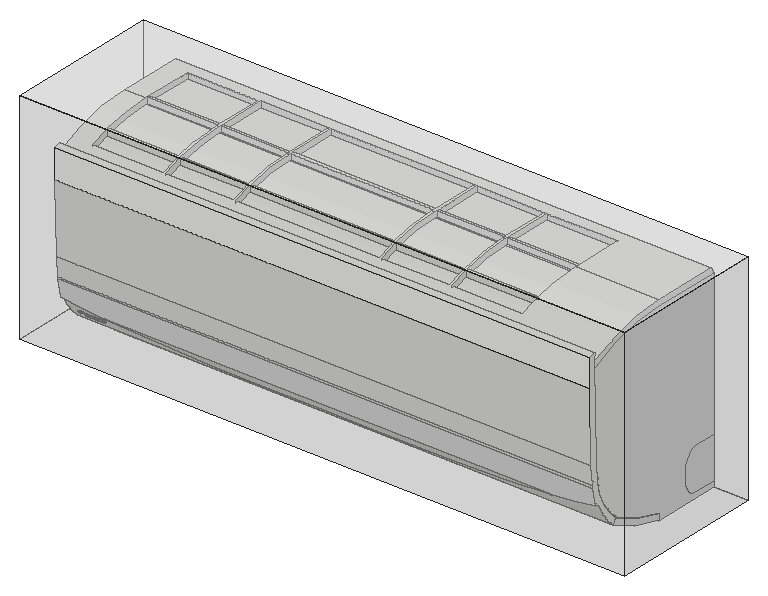
Revit family "outputfile", category 機械設備, Revit 2024
Family settings
  丸型コネクタ寸法 = 半径を使用
  パーツ タイプ = 標準
  OmniClass 番号 = 23.75.10.24.21.27.27
  OmniClass タイトル = Split System Air Conditioning Units
  作業面ベース = いいえ
  常に垂直 = はい
  ロード時にボイドで切り取り = いいえ
  注釈の向きを維持 = いいえ
  共有 = いいえ
  部屋計算ポイント = いいえ
Parameters (values of type "CTKC35WVMG")
  Description = ""
  書き出し IFC クラス(タイプ) = "IfcUnitaryEquipmentType"
  定義済み IFC タイプ(タイプ) = "AIRCONDITIONINGUNIT"
  Cost = 0
  Type Comments = ""
  Keynote = ""
  Type Image = (empty or 0)
  Assembly Code = ""
  w_wall hole = if(Width = 770.0 mm, 48.0 mm, 60.0 mm)  # 48.0 mm
  switch_frequency = yes
  h_liquidpipe_length = if(Width = 770.0 mm, 50.0 mm, 40.0 mm)  # 50.0 mm
  h_gaspipe_length = if(Width = 770.0 mm, 40.0 mm, 50.0 mm)  # 40.0 mm
  製造元 = "Daikin"
  モデル = "CTKC35WVMG"
  r_Liquid Pipe Size = Liquid Pipe Size / 2  # 3.2 mm
  r_Gas Pipe Size = Gas Pipe Size / 2  # 4.75 mm
  r_Drain Pipe Size = Drain Pipe Size / 2  # 8.0 mm
  lw_powersupply [instance] = if(Width = 770.0 mm, if(or(Rear Right Connection_refrigerant, Bottom Right Connection_refrigerant), 25.0 mm, if(or(Rear Left Connection_refrigerant, Bottom Left Connection_refrigerant), 745.0 mm, 400.0 mm)), if(Width = 990.0 mm, if(or(Rear Right Connection_refrigerant, Bottom Right Connection_refrigerant), 40.0 mm, if(or(Rear Left Connection_refrigerant, Bottom Left Connection_refrigerant), 920.0 mm, 400.0 mm)), if(or(Rear Right Connection_refrigerant, Bottom Right Connection_refrigerant), 40.0 mm, if(or(Rear Left Connection_refrigerant, Bottom Left Connection_refrigerant), 920.0 mm, 400.0 mm))))  # 400.0 mm
  lw_liquidpipe [instance] = if(Width = 770.0 mm, if(or(Rear Right Connection_refrigerant, Bottom Right Connection_refrigerant), 0.0 mm, if(or(Rear Left Connection_refrigerant, Bottom Left Connection_refrigerant), 664.0 mm, 385.0 mm)), if(Width = 990.0 mm, if(or(Rear Right Connection_refrigerant, Bottom Right Connection_refrigerant), 0.0 mm, if(or(Rear Left Connection_refrigerant, Bottom Left Connection_refrigerant), 664.0 mm + (990.0 mm - 770.0 mm), 475.0 mm)), if(or(Rear Right Connection_refrigerant, Bottom Right Connection_refrigerant), 0.0 mm, if(or(Rear Left Connection_refrigerant, Bottom Left Connection_refrigerant), 664.0 mm + (990.0 mm - 770.0 mm), 475.0 mm))))  # 385.0 mm
  lw_gaspipe [instance] = if(Width = 770.0 mm, if(or(Rear Right Connection_refrigerant, Bottom Right Connection_refrigerant), 0.0 mm, if(or(Rear Left Connection_refrigerant, Bottom Left Connection_refrigerant), 675.0 mm, if(Gas Pipe Size = 12.7 mm, 345.0 mm, 335.0 mm))), if(Width = 990.0 mm, if(or(Rear Right Connection_refrigerant, Bottom Right Connection_refrigerant), 10.0 mm, if(or(Rear Left Connection_refrigerant, Bottom Left Connection_refrigerant), 890.0 mm, if(Gas Pipe Size = 15.9 mm, 410.0 mm, 400.0 mm))), if(or(Rear Right Connection_refrigerant, Bottom Right Connection_refrigerant), 10.0 mm, if(or(Rear Left Connection_refrigerant, Bottom Left Connection_refrigerant), 890.0 mm, if(Gas Pipe Size = 15.9 mm, 410.0 mm, 400.0 mm)))))  # 335.0 mm
  lw_drainpipe [instance] = if(Width = 770.0 mm, if(or(Rear Right Connection_refrigerant, Bottom Right Connection_refrigerant), 0.0 mm, if(or(Rear Left Connection_refrigerant, Bottom Left Connection_refrigerant), 770.0 mm - 48.0 mm - 48.0 mm, 440.0 mm)), if(Width = 990.0 mm, if(or(Rear Right Connection_refrigerant, Bottom Right Connection_refrigerant), 0.0 mm, if(or(Rear Left Connection_refrigerant, Bottom Left Connection_refrigerant), 675.0 mm + (990.0 mm - 770.0 mm), 435.0 mm)), if(or(Rear Right Connection_refrigerant, Bottom Right Connection_refrigerant), 0.0 mm, if(or(Rear Left Connection_refrigerant, Bottom Left Connection_refrigerant), 675.0 mm + (990.0 mm - 770.0 mm), 435.0 mm))))  # 440.0 mm
  l_powersupply_length [instance] = if(Width = 770.0 mm, if(Right Connection_refrigerant, 400.0 mm, if(Left Connection_refrigerant, 770.0 mm - 400.0 mm, if(or(Rear Left Connection_refrigerant, Rear Right Connection_refrigerant), 15.0 mm, 50.0 mm))), if(Width = 990.0 mm, if(Right Connection_refrigerant, 400.0 mm, if(Left Connection_refrigerant, 990.0 mm - 400.0 mm, if(or(Rear Left Connection_refrigerant, Rear Right Connection_refrigerant), 15.0 mm, 50.0 mm))), if(Right Connection_refrigerant, 400.0 mm, if(Left Connection_refrigerant, 990.0 mm - 400.0 mm, if(or(Rear Left Connection_refrigerant, Rear Right Connection_refrigerant), 15.0 mm, 50.0 mm)))))  # 400.0 mm
  l_liquidpipe_length [instance] = if(Width = 770.0 mm, if(Right Connection_refrigerant, 433.0 mm, if(Left Connection_refrigerant, 337.0 mm, if(or(Rear Left Connection_refrigerant, Rear Right Connection_refrigerant), 30.0 mm, 50.0 mm))), if(Width = 990.0 mm, if(Right Connection_refrigerant, 535.0 mm, if(Left Connection_refrigerant, 455.0 mm, if(or(Rear Left Connection_refrigerant, Rear Right Connection_refrigerant), 30.0 mm, 40.0 mm))), if(Right Connection_refrigerant, 535.0 mm, if(Left Connection_refrigerant, 455.0 mm, if(or(Rear Left Connection_refrigerant, Rear Right Connection_refrigerant), 30.0 mm, 40.0 mm)))))  # 433.0 mm
  l_gaspipe_length [instance] = if(Width = 770.0 mm, if(Right Connection_refrigerant, if(Gas Pipe Size = 12.7 mm, 393.0 mm, 383.0 mm), if(Left Connection_refrigerant, if(Gas Pipe Size = 12.7 mm, 770.0 mm - 393.0 mm, 770.0 mm - 383.0 mm), if(or(Rear Left Connection_refrigerant, Rear Right Connection_refrigerant), 40.0 mm, 40.0 mm))), if(Width = 990.0 mm, if(Right Connection_refrigerant, if(Gas Pipe Size = 15.9 mm, 470.0 mm, 460.0 mm), if(Left Connection_refrigerant, if(Gas Pipe Size = 15.9 mm, 990.0 mm - 470.0 mm, 990.0 mm - 460.0 mm), if(or(Rear Left Connection_refrigerant, Rear Right Connection_refrigerant), 40.0 mm, 50.0 mm))), if(Right Connection_refrigerant, if(Gas Pipe Size = 15.9 mm, 470.0 mm, 460.0 mm), if(Left Connection_refrigerant, if(Gas Pipe Size = 15.9 mm, 990.0 mm - 470.0 mm, 990.0 mm - 460.0 mm), if(or(Rear Left Connection_refrigerant, Rear Right Connection_refrigerant), 40.0 mm, 50.0 mm)))))  # 383.0 mm
  l_drainpipe_length [instance] = if(Width = 770.0 mm, if(Right Connection_refrigerant, 488.0 mm, if(Left Connection_refrigerant, 282.0 mm, if(or(Rear Left Connection_refrigerant, Rear Right Connection_refrigerant), 15.0 mm, 20.0 mm))), if(Width = 990.0 mm, if(Right Connection_refrigerant, 495.0 mm, if(Left Connection_refrigerant, 495.0 mm, if(or(Rear Left Connection_refrigerant, Rear Right Connection_refrigerant), 15.0 mm, 20.0 mm))), if(Right Connection_refrigerant, 495.0 mm, if(Left Connection_refrigerant, 495.0 mm, if(or(Rear Left Connection_refrigerant, Rear Right Connection_refrigerant), 15.0 mm, 20.0 mm)))))  # 488.0 mm
  h*** = 0.0 mm  # constant formula
  connector_voltage = Voltage_50Hz  # 230 V
  connector_powerinput = [Power Input (Cooling)]  # 22.600 kW
  connector_phase = Phase_50Hz  # 1
  angle_vertical [instance] = if(or(Bottom Left Connection_refrigerant, Bottom Right Connection_refrigerant), 0.00°, 90.00°)  # 90.00°
  angle_horizontal [instance] = if(Right Connection_refrigerant, 90.00°, if(Left Connection_refrigerant, -90.00°, if(or(Rear Left Connection_refrigerant, Rear Right Connection_refrigerant), 180.00°, 0.00°)))  # 90.00°
  Width = 770.0 mm
  Voltage_comment_50Hz = "220 - 240"
  Voltage_50Hz = 230 V
  Version = "ver.1.0"
  Unit Type = "Wall Mounted"
  Unit Mass Weight = 9.00 kg
  Unit Designation [instance] = ""
  Uniclass2015Version = "Products v1.30"
  Uniclass2015Title = "Split coil room air conditioning units"
  Uniclass2015Code = "Pr_70_65_03_86"
  URL = ""
  Total Cooling Capacity [instance] = 0.000 kW
  Sound Pressure Level_M speed (dBA) = 34
  Sound Pressure Level_L speed (dBA) = 26
  Sound Pressure Level_H speed (dBA) = 39
  Sound Power Level_H speed (dB) = 0
  Series = "Multi Split_Fan Coil Unit"
  Sensible Cooling Capacity [instance] = 0.000 kW
  Refrigerant Type = "R32"
  Power Input (Cooling) = 22.600 kW
  Phase_50Hz = 1
  Option Accessory 3 [instance] = ""
  Option Accessory 2 [instance] = ""
  Option Accessory 1 [instance] = ""
  Nominal Cooling Capacity = 3.500 kW
  Minimum Circuit Amps_50Hz = 0.0 A
  Minimum Airflow = 402.00 m³/h
  Median Airflow = 558.00 m³/h
  Maximum Fuse Amps_50Hz = 0.0 A
  Maximum Airflow = 690.00 m³/h
  Material_Casing = DAIKIN_White_Casing_indoorunit
  Load Classification = HVAC
  Liquid Pipe Size = 6.4 mm
  Link_Nested Family [instance] = ""
  IfcVersion = ""
  IfcExportType = "AIRCONDITIONINGUNIT"
  IfcExportAs = "IfcUnitaryEquipmentType"
  Height = 285.0 mm
  Heat Exchanger Type = "Cross Fin Coil"
  Gas Pipe Size = 9.5 mm
  Frequency_50Hz = 50 Hz
  Fan Type = "Cross Flow Fan"
  Fan Drive = "Direct Drive"
  FCU Tag No. [instance] = ""
  Drain Pipe Size = 16.0 mm
  Design Supply Airflow [instance] = 0.00 m³/h
  Depth = 223.0 mm
  既定の高さ = 0.0 mm
  Cooling Entering Wet Bulb Temperature [instance] = 0.00 °C
  Cooling Entering Dry Bulb Temperature [instance] = 0.00 °C
  Cooling Ambient Wet Bulb Temperature [instance] = 0.00 °C
  Cooling Ambient Dry Bulb Temperature [instance] = 0.00 °C
  Clearance visibility [instance] = yes
  Clearance Top = 30.0 mm
  Clearance Right = 50.0 mm
  Clearance Rear = 0.0 mm
  Clearance Left = 50.0 mm
  Clearance Front = 0.0 mm
  Clearance Bottom = 0.0 mm
  Bottom Right Connection_refrigerant [instance] = no
  Bottom Left Connection_refrigerant [instance] = no
  Rear Right Connection_refrigerant [instance] = no
  Rear Left Connection_refrigerant [instance] = no
  Right Connection_refrigerant [instance] = yes
  Left Connection_refrigerant [instance] = no
Reference planes
  plane 1 "Back": y = 0
  plane 2: z = 0
  plane 3 "Center (Left/Right)": x = 0
  plane 4 "Center (Front/Back)": y = -111.5
  plane 5 "Front": y = -223
  plane 6 "Left": x = -385
  plane 7 "Right": x = 385
  plane 8 "Top": z = 0
  plane 9 "Bottom": z = -285
  plane 10: x = -435
  plane 11: x = 435
  plane 12: y = 0
  plane 13: y = -223
  plane 14: z = 30
  plane 15: z = -285
  plane 16 "lw_Piping and Wiring intake": x = 337
  plane 17 "lw_gaspipe": x = 2
  plane 18 "lw_liquidpipe": x = -48
  plane 19 "lw_drainpipe": x = -103
  plane 20 "lh_drainpipe": z = -265
  plane 21 "lh_liquidpipe": z = -235
  plane 22 "lh_gaspipe": z = -245
  plane 23 "ld_drainpipe": y = -15
  plane 24 "ld_liquidpipe": y = -30
  plane 25 "ld_gaspipe": y = -40
  plane 26 "lw_powersupply": x = -15
  plane 27 "lh_powersupply": z = -235
Dimensions and locks
  equal spacing: plane 6 "Left", plane 3 "Center (Left/Right)", plane 7 "Right"
  "Width": plane 6 "Left" to plane 7 "Right"
  equal spacing: plane 5 "Front", plane 4 "Center (Front/Back)", plane 1 "Back"
  "Depth": plane 5 "Front" to plane 1 "Back"
  "Height": plane 8 "Top" to plane 9 "Bottom"
  "Clearance Rear": plane 12 to plane 1 "Back"
  "Clearance Front": plane 13 to plane 5 "Front"
  "Clearance Top": plane 14 to plane 8 "Top"
  "Clearance Bottom": plane 9 "Bottom" to plane 15
  "w_wall hole": plane 16 "lw_Piping and Wiring intake" to plane 7 "Right"
  "lw_gaspipe": plane 17 "lw_gaspipe" to plane 16 "lw_Piping and Wiring intake"
  "lw_liquidpipe": plane 18 "lw_liquidpipe" to plane 16 "lw_Piping and Wiring intake"
  "lw_drainpipe": plane 19 "lw_drainpipe" to plane 16 "lw_Piping and Wiring intake"
  locked: plane 20 "lh_drainpipe" to plane 9 "Bottom" at 20
  "h_liquidpipe_length": plane 21 "lh_liquidpipe" to plane 9 "Bottom"
  "h_gaspipe_length": plane 22 "lh_gaspipe" to plane 9 "Bottom"
  locked: plane 23 "ld_drainpipe" to plane 1 "Back" at 15
  locked: plane 1 "Back" to plane 24 "ld_liquidpipe" at 30
  locked: plane 1 "Back" to plane 25 "ld_gaspipe" at 40
  "lw_powersupply": plane 26 "lw_powersupply" to plane 7 "Right"
  "Clearance Right": plane 7 "Right" to plane 11
  "Clearance Left": plane 10 to plane 6 "Left"
  locked: plane 27 "lh_powersupply" to plane 9 "Bottom" at 50
  aligned and locked: level to plane 2
  aligned and locked: plane 12 to nested 1
  aligned and locked: nested 1 to plane 13
  aligned and locked: plane 10 to nested 1
  aligned and locked: plane 11 to nested 1
  aligned and locked: plane 15 to nested 1
  aligned and locked: plane 14 to nested 1
  aligned and locked: plane 17 "lw_gaspipe" to nested 2
  aligned and locked: nested 2 to plane 25 "ld_gaspipe"
  aligned and locked: plane 18 "lw_liquidpipe" to nested 3
  aligned and locked: nested 3 to plane 24 "ld_liquidpipe"
  aligned and locked: plane 19 "lw_drainpipe" to nested 4
  aligned and locked: nested 4 to plane 23 "ld_drainpipe"
  aligned and locked: nested 5 to plane 23 "ld_drainpipe"
  aligned and locked: plane 26 "lw_powersupply" to nested 5
  aligned and locked: level to plane 8 "Top"
  aligned and locked: plane 3 "Center (Left/Right)" to nested 6
  aligned and locked: plane 1 "Back" to nested 6
  aligned and locked: plane 8 "Top" to nested 6
Nested families
  nested 1: "daikin_clearancespace" at (0, -111.5, -127.381), show <- "Clearance visibility", visible <- "Clearance visibility", Link_Nested Family <- "Link_Nested Family", type "daikin_clearancespace"
    with width 870.0 mm, show yes, height 315.0 mm, depth 223.0 mm, Link_Nested Family ""
  nested 2: "daikin_connector_rotate3" at (2, -40, -245), angle_vertical <- "angle_vertical", angle_horizontal <- "angle_horizontal", length <- "l_gaspipe_length", radius <- "r_Gas Pipe Size", type "daikin_connector_rotate3"
    with show no, radius 4.75 mm, length 383.0 mm, angle_vertical 90.00°, angle_horizontal 90.00°
  nested 3: "daikin_connector_rotate3" at (-48, -30, -235), angle_vertical <- "angle_vertical", angle_horizontal <- "angle_horizontal", radius <- "r_Liquid Pipe Size", length <- "l_liquidpipe_length", type "daikin_connector_rotate3"
    with show no, radius 3.2 mm, length 433.0 mm, angle_vertical 90.00°, angle_horizontal 90.00°
  nested 4: "daikin_connector_rotate3" at (-103, -15, -265), angle_vertical <- "angle_vertical", angle_horizontal <- "angle_horizontal", length <- "l_drainpipe_length", radius <- "r_Drain Pipe Size", type "daikin_connector_rotate3"
    with show no, radius 8.0 mm, length 488.0 mm, angle_vertical 90.00°, angle_horizontal 90.00°
  nested 5: "daikin_connector_rotate3" at (-15, -15, -235), angle_vertical <- "angle_vertical", angle_horizontal <- "angle_horizontal", length <- "l_powersupply_length", type "daikin_connector_rotate3"
    with show no, radius 10.0 mm, length 400.0 mm, angle_vertical 90.00°, angle_horizontal 90.00°
  nested 6: "DAIKIN_indoorunit_CTKC-WVMG" at (-31, 0, 0), type "CTKC-WVMG"
Connectors
  piping at (385, -40, -245), diameter 9.5, driven by "r_Gas Pipe Size"
    settings: on nested 2, index 1, connector inside diameter 609.6 mm, connector length 0.0 mm, flow factor 0, pipe flow 0.00 m³/h, pressure drop 0.0 Pa, fitting loss kfactor 0, connector angle 0.00°, fixture units 0, engagement length 0.0 mm, angle of deflection 0.00°, flow configuration 1, flow direction 2, fitting loss method 0, system type 29, joint type 0, gender type 0, connector reference index -1, connector utility 0, adjustable connector no, is connector primary yes, connector description "Refrigerant Gas Piping"
  piping at (385, -30, -235), diameter 6.4, driven by "r_Liquid Pipe Size"
    settings: on nested 3, index 2, connector inside diameter 609.6 mm, connector length 0.0 mm, flow factor 0, pipe flow 0.00 m³/h, pressure drop 0.0 Pa, fitting loss kfactor 0, connector angle 0.00°, fixture units 0, engagement length 0.0 mm, angle of deflection 0.00°, flow configuration 1, flow direction 1, fitting loss method 0, system type 29, joint type 0, gender type 0, connector reference index -1, connector utility 0, adjustable connector no, is connector primary no, connector description "Refrigerant Liquid Piping"
  piping at (385, -15, -265), diameter 16, driven by "r_Drain Pipe Size"
    settings: on nested 4, index 3, connector inside diameter 609.6 mm, connector length 0.0 mm, flow factor 0, pipe flow 0.00 m³/h, pressure drop 0.0 Pa, fitting loss kfactor 0, connector angle 0.00°, fixture units 0, engagement length 0.0 mm, angle of deflection 0.00°, flow configuration 1, flow direction 2, fitting loss method 4, system type 16, joint type 0, gender type 0, connector reference index -1, connector utility 0, adjustable connector no, is connector primary no, connector description "Condensate Drain Piping"
  electrical at (385, -15, -235), driven by "Load Classification", driven by "connector_voltage", driven by "connector_powerinput", driven by "connector_phase"
    settings: on nested 5, index 4, voltage 230 V, apparent load 22600 VA, apparent load phase1 0 VA, apparent load phase2 0 VA, apparent load phase3 0 VA, power factor 1, load classification "HVAC", number of poles 1, system type 30, power factor state 1, is connector primary yes, connector utility no, sub classification motor no, connector description "Power Supply"
Definition of nested family "daikin_clearancespace"
  Parameters (values of type "daikin_clearancespace")
    Description = "daikin_clearancespace"
    width [instance] = 1823.963 mm
    show [instance] = yes
    material = none
    height [instance] = 1359.762 mm
    depth [instance] = 880.0 mm
    Default Elevation = 0.0 mm
    Link_Nested Family [instance] = ""
  Reference planes
    plane 1 "Center (Front/Back)": y = 0
    plane 2 "Center (Elevation)": z = -0.119
    plane 3 "Center (Left/Right)": x = 0
    plane 4: y = 440
    plane 5: y = -440
    plane 6 "Right": x = 911.982
    plane 7 "Left": x = -911.982
    plane 8 "Top": z = 679.762
    plane 9 "Bottom": z = -680
  Forms (mm)
    Extrusion 1, solid, material <- "material", visible <- "show"
      sketch origin (0, 0, 0) x (1, 0, 0) y (0, 1, 0)
        loop
          line (-911.982, 440) -> (-911.982, -440) -> (911.982, -440) -> (911.982, 440) -> (-911.982, 440)
      from -680 to 679.762
  Lines and regions (mm)
    symbolic lines, visible <- "show"
      curve 1: line (911.982, 440, 0) -> (-911.982, 440, 0)
      curve 2: line (-911.982, 440, 0) -> (-911.982, -440, 0)
      curve 3: line (-911.982, -440, 0) -> (911.982, -440, 0)
      curve 4: line (911.982, -440, 0) -> (911.982, 440, 0)
      curve 5: line (911.982, 0, 679.762) -> (-911.982, 0, 679.762)
      curve 6: line (911.982, 0, -680) -> (911.982, 0, 679.762)
      curve 7: line (-911.982, 0, -680) -> (911.982, 0, -680)
      curve 8: line (-911.982, 0, 679.762) -> (-911.982, 0, -680)
      curve 9: line (0, 440, 679.762) -> (0, -440, 679.762)
      curve 10: line (0, -440, 679.762) -> (0, -440, -680)
      curve 11: line (0, 440, -680) -> (0, 440, 679.762)
      curve 12: line (0, -440, -680) -> (0, 440, -680)
  Dimensions and locks
    "width": plane 7 "Left" to plane 6 "Right"
    "depth": plane 4 to plane 5
    "height": plane 8 "Top" to plane 9 "Bottom"
    equal spacing: plane 7 "Left", plane 3 "Center (Left/Right)", plane 6 "Right"
    equal spacing: plane 4, plane 1 "Center (Front/Back)", plane 5
    equal spacing: plane 8 "Top", plane 2 "Center (Elevation)", plane 9 "Bottom"
    aligned and locked: level to plane 2 "Center (Elevation)"
    aligned and locked: Extrusion 1 sketch curve to plane 4
    aligned and locked: plane 7 "Left" to Extrusion 1 sketch curve
    aligned and locked: Extrusion 1 sketch curve to plane 5
    aligned and locked: Extrusion 1 sketch curve to plane 6 "Right"
    aligned and locked: plane 8 "Top" to Extrusion 1
    aligned and locked: curve 1 to Extrusion 1
    aligned and locked: curve 2 to Extrusion 1
    aligned and locked: curve 3 to Extrusion 1
    aligned and locked: curve 4 to Extrusion 1
    aligned and locked: curve 5 to Extrusion 1
    aligned and locked: curve 6 to Extrusion 1
    aligned and locked: curve 7 to Extrusion 1
    aligned and locked: curve 8 to Extrusion 1
    aligned and locked: curve 9 to Extrusion 1
    aligned and locked: curve 10 to Extrusion 1
    aligned and locked: curve 11 to Extrusion 1
    aligned and locked: curve 12 to Extrusion 1
    aligned and locked: Extrusion 1 to plane 9 "Bottom"
Definition of nested family "DAIKIN_indoorunit_CTKC-WVMG"
  Parameters (values of type "FTKM-QVMA")
    switch_unit1_50-71 = Width = 990.0 mm  # no
    switch_unit1_20-46 = Width = 770.0 mm  # yes
    Width = 770.0 mm
    WALL HOLE-R = if(Width = 770.0 mm, 48.0 mm, 60.0 mm)  # 48.0 mm
    WALL HOLE Size = if(Width = 770.0 mm, 65.0 mm, 80.0 mm)  # 65.0 mm
    Material_Casing = none
    Height = if(Width = 770.0 mm, 285.0 mm, 295.0 mm)  # 285.0 mm
    Default Elevation = 0.0 mm
  Reference planes
    plane 1 "Center (Front/Back)": y = 0
    plane 2 "reference_level": z = 0
    plane 3 "Center (Left/Right)": x = 31
    plane 4: x = -354
    plane 5: x = 416
    plane 6: z = -285
  Forms (mm)
    Extrusion 1, solid, material <- "Material_Casing", visible <- "switch_unit1_20-46"
      sketch origin (29, 0, 0) x (0, 1, 0) y (0, 0, 1)
        loop
          line (-5, 0) -> (-98, 0)
          arc (-98, 0) -> (-157.611, -7.211) -> (-213.783, -28.427) r 250
          arc (-213.783, -28.427) -> (-213.842, -32.972) -> (-213.892, -37.516) r 2191
          arc (-213.892, -37.516) -> (-157.832, -15.495) -> (-98.07, -8) r 242
          line (-98.07, -8) -> (0, -8) -> (-5, 0)
      from -383 to 387
    Extrusion 2, solid, material <- "Material_Casing", visible <- "switch_unit1_20-46"
      sketch origin (416, 1296.25, 1200) x (0, 1, 0) y (0, 0, 1)
        loop
          line (-1472.998, -1446.91) -> (-1476.998, -1453.839)
          arc (-1476.998, -1453.839) -> (-1437.481, -1472.422) -> (-1395.25, -1483.538) r 240
          line (-1395.25, -1483.538) -> (-1395.25, -1475.422)
          arc (-1395.25, -1475.422) -> (-1435.407, -1464.663) -> (-1472.998, -1446.91) r 232
      from 0 to -47.5
    Extrusion 3, solid, material <- "Material_Casing", visible <- "switch_unit1_20-46"
      sketch origin (29, 0, 0) x (0, 1, 0) y (0, 0, 1)
        loop
          arc (-223, -60.455) -> (-222.414, -110.646) -> (-220.656, -160.81) r 2149.92
          arc (-220.656, -160.81) -> (-219.65, -174.299) -> (-217.853, -187.706) r 229.911
          arc (-217.853, -187.706) -> (-205.371, -223.594) -> (-181.517, -253.17) r 111
          line (-181.517, -253.17) -> (-177.429, -246.093)
          arc (-177.429, -246.093) -> (-198.77, -218.989) -> (-209.965, -186.36) r 103
          arc (-209.965, -186.36) -> (-211.681, -173.586) -> (-212.651, -160.735) r 221.844
          arc (-212.651, -160.735) -> (-214.739, -93.233) -> (-214.74, -25.699) r 2186.828
          arc (-214.74, -25.699) -> (-214.671, -21.467) -> (-214.594, -17.235) r 2192
          line (-214.594, -17.235) -> (-223, -19.961) -> (-223, -60.455)
      from -383 to 387
    Extrusion 4, solid, material <- "Material_Casing", visible <- "switch_unit1_20-46"
      sketch origin (29, 0, 0) x (0, 1, 0) y (0, 0, 1)
        loop
          line (-181.517, -253.17) -> (-179.597, -249.846)
          arc (-179.597, -249.846) -> (-202.009, -221.399) -> (-213.189, -186.952) r 103
          line (-213.189, -186.952) -> (-217.853, -187.706)
          arc (-217.853, -187.706) -> (-217.533, -189.556) -> (-217.182, -191.4) r 111
          arc (-217.182, -191.4) -> (-213.806, -208.181) -> (-210.362, -224.948) r 4257.809
          arc (-210.362, -224.948) -> (-198.886, -237.857) -> (-186.225, -249.607) r 180
          line (-186.225, -249.607) -> (-181.517, -253.17)
      from -383 to 387
    Extrusion 5, solid, material <- "Material_Casing", visible <- "switch_unit1_20-46"
      sketch origin (29, 0, -20) x (0, 1, 0) y (0, 0, 1)
        loop
          line (0, -265) -> (0, 12) -> (-98.07, 12)
          arc (-98.07, 12) -> (-157.832, 4.505) -> (-213.892, -17.516) r 242
          arc (-213.892, -17.516) -> (-213.638, -79.114) -> (-211.653, -140.681) r 2191
          arc (-211.653, -140.681) -> (-210.685, -153.501) -> (-208.973, -166.243) r 221
          arc (-208.973, -166.243) -> (-197.471, -199.282) -> (-175.482, -226.491) r 102
          arc (-175.482, -226.491) -> (-138.004, -244.019) -> (-98, -254.579) r 231
          line (-98, -254.579) -> (-98, -265) -> (0, -265)
      from -383 to 387
    Extrusion 6, solid, material <- "Material_Casing", visible <- "switch_unit1_20-46"
      sketch origin (-354, 1296.25, 1200) x (0, 1, 0) y (0, 0, 1)
        loop
          line (-1472.998, -1446.91) -> (-1476.998, -1453.839)
          arc (-1476.998, -1453.839) -> (-1437.481, -1472.422) -> (-1395.25, -1483.538) r 240
          line (-1395.25, -1483.538) -> (-1395.25, -1475.422)
          arc (-1395.25, -1475.422) -> (-1435.407, -1464.663) -> (-1472.998, -1446.91) r 232
      from 47 to 0
    Extrusion 7, solid, material <- "Material_Casing", visible <- "switch_unit1_20-46"
      sketch origin (416, 1296.25, 1200) x (0, 1, 0) y (0, 0, 1)
        loop
          line (-1472.998, -1446.91) -> (-1476.998, -1453.839)
          arc (-1476.998, -1453.839) -> (-1443.437, -1470.168) -> (-1407.75, -1481.097) r 240
          line (-1407.75, -1481.097) -> (-1407.75, -1472.894)
          arc (-1407.75, -1472.894) -> (-1441.363, -1462.385) -> (-1472.998, -1446.91) r 232
      from -116.993 to -48.493
    Extrusion 8, solid, material <- "Material_Casing", visible <- "switch_unit1_20-46"
      sketch origin (416, 1296.25, 1200) x (0, 1, 0) y (0, 0, 1)
        loop
          line (-1472.998, -1446.91) -> (-1476.998, -1453.839)
          arc (-1476.998, -1453.839) -> (-1443.437, -1470.168) -> (-1407.75, -1481.097) r 240
          line (-1407.75, -1481.097) -> (-1407.75, -1472.894)
          arc (-1407.75, -1472.894) -> (-1441.363, -1462.385) -> (-1472.998, -1446.91) r 232
      from -717 to -121.993
    Extrusion 9, void
      sketch origin (31, 0, -235) x (1, 0, 0) y (0, 1, 0)
        loop
          line (-252.674, -22.316) -> (-354.941, -22.316) -> (-354.941, -91.341) -> (-252.674, -91.341) -> (-252.674, -22.316)
        loop
          line (-249.341, -91.341) -> (-151.574, -91.341) -> (-151.574, -22.316) -> (-249.341, -22.316) -> (-249.341, -91.341)
        loop
          line (58.309, -22.316) -> (-148.309, -22.316) -> (-148.309, -91.341) -> (58.309, -91.341) -> (58.309, -22.316)
        loop
          line (61.689, -22.316) -> (61.689, -91.341) -> (159.457, -91.341) -> (159.457, -22.316) -> (61.689, -22.316)
        loop
          line (162.789, -22.316) -> (162.789, -91.341) -> (265.057, -91.341) -> (265.057, -22.316) -> (162.789, -22.316)
        loop
          line (-354.941, -94.659) -> (-354.941, -165.259) -> (-252.674, -165.259) -> (-252.674, -94.659) -> (-354.941, -94.659)
        loop
          line (-249.341, -94.659) -> (-249.341, -165.259) -> (-151.574, -165.259) -> (-151.574, -94.659) -> (-249.341, -94.659)
        loop
          line (-148.309, -94.659) -> (-148.309, -165.259) -> (58.309, -165.259) -> (58.309, -94.659) -> (-148.309, -94.659)
        loop
          line (61.689, -94.659) -> (61.689, -165.259) -> (159.457, -165.259) -> (159.457, -94.659) -> (61.689, -94.659)
        loop
          line (162.789, -94.659) -> (162.789, -165.259) -> (265.057, -165.259) -> (265.057, -94.659) -> (162.789, -94.659)
        loop
          line (-354.941, -167.382) -> (-354.941, -192.681) -> (-252.674, -192.681) -> (-252.674, -167.382) -> (-354.941, -167.382)
        loop
          line (-249.341, -167.382) -> (-249.341, -192.681) -> (-151.574, -192.681) -> (-151.574, -167.382) -> (-249.341, -167.382)
        loop
          line (-148.309, -167.382) -> (-148.309, -192.681) -> (58.309, -192.681) -> (58.309, -167.382) -> (-148.309, -167.382)
        loop
          line (159.457, -167.382) -> (61.689, -167.382) -> (61.689, -192.681) -> (159.457, -192.681) -> (159.457, -167.382)
        loop
          line (265.057, -167.382) -> (162.789, -167.382) -> (162.789, -192.681) -> (265.057, -192.681) -> (265.057, -167.382)
      from 201.638 to 250
    Extrusion 10, void
      sketch origin (31, 0, 0) x (1, 0, 0) y (0, 0, 1)
        loop
          arc (597, -174.907) -> (0.056, -245.263) -> (-597, -175.856) r 2585.042
          line (-597, -175.856) -> (-597, -352.872) -> (597, -352.872) -> (597, -174.907)
      from 173 to 315.3
    Extrusion 11, solid, material <- "Material_Casing"
      sketch origin (31, 0, 0) x (1, 0, 0) y (0, 0, 1)
        loop
          circle (337, -240.5) r 32.5
        loop
          circle (-337, -240.5) r 32.5
      from 0 to 5
    Extrusion 12, solid, material <- "Material_Casing", visible <- "switch_unit1_20-46"
      sketch origin (416, 1296.25, 1200) x (0, -1, 0) y (0, 0, 1)
        loop
          line (1326.25, -1417) -> (1296.25, -1417) -> (1296.25, -1477) -> (1326.25, -1477)
          arc (1326.25, -1477) -> (1340.393, -1471.142) -> (1346.25, -1457) r 20
          line (1346.25, -1457) -> (1346.25, -1437)
          arc (1346.25, -1437) -> (1340.393, -1422.858) -> (1326.25, -1417) r 20
      from 0 to 5
    Extrusion 13, solid, material <- "Material_Casing", visible <- "switch_unit1_20-46"
      sketch origin (-354, 1296.25, 1200) x (0, 1, 0) y (0, 0, 1)
        loop
          line (-1296.25, -1417) -> (-1326.25, -1417)
          arc (-1326.25, -1417) -> (-1340.393, -1422.858) -> (-1346.25, -1437) r 20
          line (-1346.25, -1437) -> (-1346.25, -1457)
          arc (-1346.25, -1457) -> (-1340.393, -1471.142) -> (-1326.25, -1477) r 20
          line (-1326.25, -1477) -> (-1296.25, -1477) -> (-1296.25, -1417)
      from 0 to 5
    Extrusion 14, solid, material <- "Material_Casing", visible <- "switch_unit1_20-46"
      sketch origin (31, 0, -285) x (-1, 0, 0) y (0, -1, 0)
        loop
          line (-314, 0) -> (-314, 30)
          arc (-314, 30) -> (-319.858, 44.142) -> (-334, 50) r 20
          line (-334, 50) -> (-354, 50)
          arc (-354, 50) -> (-368.142, 44.142) -> (-374, 30) r 20
          line (-374, 30) -> (-374, 0) -> (-314, 0)
        loop
          line (374, 0) -> (374, 30)
          arc (374, 30) -> (368.142, 44.142) -> (354, 50) r 20
          line (354, 50) -> (334, 50)
          arc (334, 50) -> (319.858, 44.142) -> (314, 30) r 20
          line (314, 30) -> (314, 0) -> (374, 0)
      from 0 to 5
    Extrusion 15, solid, material <- "Material_Casing", visible <- "switch_unit1_50-71"
      sketch origin (31, 0, 0) x (0, 1, 0) y (0, 0, 1)
        loop
          line (-5, 0) -> (-138, 0)
          arc (-138, 0) -> (-197.611, -7.211) -> (-253.783, -28.427) r 250
          arc (-253.783, -28.427) -> (-253.838, -32.687) -> (-253.886, -36.946) r 2191
          arc (-253.886, -36.946) -> (-197.73, -15.346) -> (-138.014, -8) r 246.393
          line (-138.014, -8) -> (0, -8) -> (-5, 0)
      from -495 to 495
    Extrusion 16, solid, material <- "Material_Casing", visible <- "switch_unit1_50-71"
      sketch origin (418, 1296.25, 1200) x (0, 1, 0) y (0, 0, 1)
        loop
          arc (-1515.208, -1454.149) -> (-1506.856, -1460.599) -> (-1497.925, -1466.219) r 110
          arc (-1497.925, -1466.219) -> (-1445.718, -1487.493) -> (-1389.844, -1494.995) r 223
          line (-1389.844, -1494.995) -> (-1389.844, -1486.086) -> (-1404.386, -1486.086)
          arc (-1404.386, -1486.086) -> (-1449.542, -1477.46) -> (-1491.818, -1459.402) r 214.289
          arc (-1491.818, -1459.402) -> (-1501.056, -1453.541) -> (-1509.606, -1446.715) r 101
          line (-1509.606, -1446.715) -> (-1515.208, -1454.149)
      from 108 to 57.5
    Extrusion 17, solid, material <- "Material_Casing", visible <- "switch_unit1_50-71"
      sketch origin (31, 0, 0) x (0, 1, 0) y (0, 0, 1)
        loop
          line (-263, -19.962) -> (-263, -61.6)
          arc (-263, -61.6) -> (-262.414, -110.219) -> (-260.656, -158.81) r 2017.341
          arc (-260.656, -158.81) -> (-255.648, -191.935) -> (-244.041, -223.362) r 164.725
          arc (-244.041, -223.362) -> (-233.569, -239.793) -> (-219.717, -253.495) r 87.379
          line (-219.717, -253.495) -> (-214.706, -246.846)
          arc (-214.706, -246.846) -> (-229.564, -230.029) -> (-240.385, -210.371) r 102
          arc (-240.385, -210.371) -> (-249.049, -182.962) -> (-252.848, -154.467) r 165.789
          arc (-252.848, -154.467) -> (-254.771, -90.102) -> (-254.74, -25.708) r 2122.533
          arc (-254.74, -25.708) -> (-254.671, -21.469) -> (-254.594, -17.23) r 2192
          line (-254.594, -17.23) -> (-263, -19.962)
      from -495 to 495
    Extrusion 18, void
      sketch origin (33, 0, 0) x (1, 0, 0) y (0, 1, 0)
        loop
          line (-466.909, -22.316) -> (-466.909, -111.341) -> (-366.303, -111.341) -> (-366.303, -22.316) -> (-466.909, -22.316)
        loop
          line (-362.71, -22.316) -> (-362.71, -111.341) -> (-262.103, -111.341) -> (-262.103, -22.316) -> (-362.71, -22.316)
        loop
          line (-258.51, -22.316) -> (-258.51, -111.341) -> (-157.904, -111.341) -> (-157.904, -22.316) -> (-258.51, -22.316)
        loop
          line (-154.31, -22.316) -> (-154.31, -111.341) -> (-53.704, -111.341) -> (-53.704, -22.316) -> (-154.31, -22.316)
        loop
          line (-50.11, -22.316) -> (-50.11, -111.341) -> (50.496, -111.341) -> (50.496, -22.316) -> (-50.11, -22.316)
        loop
          line (54.089, -22.316) -> (54.089, -111.341) -> (154.696, -111.341) -> (154.696, -22.316) -> (54.089, -22.316)
        loop
          line (158.289, -22.316) -> (158.289, -111.341) -> (258.895, -111.341) -> (258.895, -22.316) -> (158.289, -22.316)
        loop
          line (262.489, -22.316) -> (262.489, -111.341) -> (363.095, -111.341) -> (363.095, -22.316) -> (262.489, -22.316)
        loop
          line (-466.909, -114.459) -> (-466.909, -185.059) -> (-366.303, -185.059) -> (-366.303, -114.459) -> (-466.909, -114.459)
        loop
          line (-362.71, -114.459) -> (-362.71, -185.059) -> (-262.103, -185.059) -> (-262.103, -114.459) -> (-362.71, -114.459)
        loop
          line (-258.51, -114.459) -> (-258.51, -185.059) -> (-157.904, -185.059) -> (-157.904, -114.459) -> (-258.51, -114.459)
        loop
          line (-154.31, -114.459) -> (-154.31, -185.059) -> (-53.704, -185.059) -> (-53.704, -114.459) -> (-154.31, -114.459)
        loop
          line (-50.11, -114.459) -> (-50.11, -185.059) -> (50.496, -185.059) -> (50.496, -114.459) -> (-50.11, -114.459)
        loop
          line (54.089, -114.459) -> (54.089, -185.059) -> (154.696, -185.059) -> (154.696, -114.459) -> (54.089, -114.459)
        loop
          line (158.289, -114.459) -> (158.289, -185.059) -> (258.895, -185.059) -> (258.895, -114.459) -> (158.289, -114.459)
        loop
          line (262.489, -114.459) -> (262.489, -185.059) -> (363.095, -185.059) -> (363.095, -114.459) -> (262.489, -114.459)
        loop
          line (-466.909, -187.382) -> (-466.909, -232.681) -> (-366.303, -232.681) -> (-366.303, -187.382) -> (-466.909, -187.382)
        loop
          line (-362.71, -187.382) -> (-362.71, -232.681) -> (-262.103, -232.681) -> (-262.103, -187.382) -> (-362.71, -187.382)
        loop
          line (-258.51, -187.382) -> (-258.51, -232.681) -> (-157.904, -232.681) -> (-157.904, -187.382) -> (-258.51, -187.382)
        loop
          line (-154.31, -187.382) -> (-154.31, -232.681) -> (-53.704, -232.681) -> (-53.704, -187.382) -> (-154.31, -187.382)
        loop
          line (-50.11, -187.382) -> (-50.11, -232.681) -> (50.496, -232.681) -> (50.496, -187.382) -> (-50.11, -187.382)
        loop
          line (54.089, -187.382) -> (54.089, -232.681) -> (154.696, -232.681) -> (154.696, -187.382) -> (54.089, -187.382)
        loop
          line (158.289, -187.382) -> (158.289, -232.681) -> (258.895, -232.681) -> (258.895, -187.382) -> (158.289, -187.382)
        loop
          line (262.489, -187.382) -> (262.489, -232.681) -> (363.095, -232.681) -> (363.095, -187.382) -> (262.489, -187.382)
      from -40.013 to 47.268
    Extrusion 19, void
      sketch origin (33, 0, 2300) x (1, 0, 0) y (0, 0, 1)
        loop
          line (705, -2672.872) -> (705, -2462.4)
          arc (705, -2462.4) -> (-2.043, -2534.819) -> (-709, -2461.567) r 3467.757
          line (-709, -2461.567) -> (-709, -2672.872) -> (705, -2672.872)
      from 173 to 315.3
    Extrusion 20, solid, material <- "Material_Casing", visible <- "switch_unit1_50-71"
      sketch origin (-356, 1296.25, 1200) x (0, 1, 0) y (0, 0, -1)
        loop
          line (-1515.208, 1454.149) -> (-1509.606, 1446.715)
          arc (-1509.606, 1446.715) -> (-1501.056, 1453.541) -> (-1491.818, 1459.402) r 101
          arc (-1491.818, 1459.402) -> (-1449.542, 1477.46) -> (-1404.386, 1486.086) r 214.289
          line (-1404.386, 1486.086) -> (-1389.844, 1486.086) -> (-1389.844, 1494.995)
          arc (-1389.844, 1494.995) -> (-1445.718, 1487.493) -> (-1497.925, 1466.219) r 223
          arc (-1497.925, 1466.219) -> (-1506.856, 1460.599) -> (-1515.208, 1454.149) r 110
      from 108 to 61
    Extrusion 21, solid, material <- "Material_Casing", visible <- "switch_unit1_50-71"
      sketch origin (418, 1296.25, 1200) x (0, 1, 0) y (0, 0, 1)
        loop
          arc (-1515.208, -1454.149) -> (-1506.856, -1460.599) -> (-1497.925, -1466.219) r 110
          arc (-1497.925, -1466.219) -> (-1463.185, -1482.066) -> (-1426.25, -1491.755) r 223
          line (-1426.25, -1491.755) -> (-1426.25, -1483.166)
          arc (-1426.25, -1483.166) -> (-1460.008, -1473.969) -> (-1491.818, -1459.402) r 214.289
          arc (-1491.818, -1459.402) -> (-1501.056, -1453.541) -> (-1509.606, -1446.715) r 101
          line (-1509.606, -1446.715) -> (-1515.208, -1454.149)
      from 56.5 to -36.993
    Extrusion 22, solid, material <- "Material_Casing", visible <- "switch_unit1_50-71"
      sketch origin (418, 1296.25, 1200) x (0, 1, 0) y (0, 0, 1)
        loop
          arc (-1426.25, -1483.166) -> (-1443.442, -1479.224) -> (-1460.25, -1473.881) r 214.289
          line (-1460.25, -1473.881) -> (-1460.25, -1483.089)
          arc (-1460.25, -1483.089) -> (-1443.421, -1488.091) -> (-1426.25, -1491.755) r 223
          line (-1426.25, -1491.755) -> (-1426.25, -1483.166)
      from -43.493 to -828.893
    Extrusion 23, solid, material <- "Material_Casing", visible <- "switch_unit1_50-71"
      sketch origin (418, 1296.25, 1200) x (0, 1, 0) y (0, 0, 1)
        loop
          arc (-1515.208, -1454.149) -> (-1506.856, -1460.599) -> (-1497.925, -1466.219) r 110
          arc (-1497.925, -1466.219) -> (-1479.479, -1475.527) -> (-1460.25, -1483.089) r 223
          line (-1460.25, -1483.089) -> (-1460.25, -1473.881)
          arc (-1460.25, -1473.881) -> (-1476.328, -1467.282) -> (-1491.818, -1459.402) r 214.289
          arc (-1491.818, -1459.402) -> (-1501.056, -1453.541) -> (-1509.606, -1446.715) r 101
          line (-1509.606, -1446.715) -> (-1515.208, -1454.149)
      from -43.493 to -828.893
    Extrusion 24, solid, material <- "Material_Casing", visible <- "switch_unit1_50-71"
      sketch origin (31, 0, 0) x (0, 1, 0) y (0, 0, 1)
        loop
          arc (-217.78, -250.924) -> (-234.088, -233.307) -> (-245.826, -212.366) r 102
          arc (-245.826, -212.366) -> (-251.608, -196.062) -> (-255.659, -179.245) r 165.789
          line (-255.659, -179.245) -> (-258.299, -179.737)
          arc (-258.299, -179.737) -> (-257.524, -183.799) -> (-256.646, -187.84) r 164.725
          arc (-256.646, -187.84) -> (-252.868, -206.25) -> (-249.973, -224.82) r 393.089
          arc (-249.973, -224.82) -> (-239.237, -236.969) -> (-227.451, -248.102) r 180
          arc (-227.451, -248.102) -> (-223.723, -250.998) -> (-219.717, -253.495) r 45.878
          line (-219.717, -253.495) -> (-217.78, -250.924)
      from -495 to 495
    Extrusion 25, solid, material <- "Material_Casing", visible <- "switch_unit1_50-71"
      sketch origin (31, 0, -30) x (0, 1, 0) y (0, 0, 1)
        loop
          line (0, 22) -> (-138.014, 22)
          arc (-138.014, 22) -> (-197.73, 14.654) -> (-253.886, -6.946) r 246.393
          arc (-253.886, -6.946) -> (-253.682, -65.635) -> (-251.855, -124.295) r 2120.935
          arc (-251.855, -124.295) -> (-248.086, -152.682) -> (-239.461, -179.988) r 164.789
          arc (-239.461, -179.988) -> (-228.903, -199.231) -> (-214.437, -215.738) r 101
          line (-214.437, -215.738) -> (-212.406, -216.221)
          arc (-212.406, -216.221) -> (-204.07, -222.837) -> (-195.079, -228.53) r 100
          arc (-195.079, -228.53) -> (-145.557, -248.629) -> (-92.593, -255.785) r 213.289
          line (-92.593, -255.785) -> (-92.593, -265) -> (0, -265) -> (0, 22)
      from -495 to 495
    Extrusion 26, solid, material <- "Material_Casing", visible <- "switch_unit1_50-71"
      sketch origin (526, 1296.25, 1200) x (0, -1, 0) y (0, 0, 1)
        loop
          line (1326.25, -1427.035) -> (1296.25, -1427.035) -> (1296.25, -1487.035) -> (1326.25, -1487.035)
          arc (1326.25, -1487.035) -> (1340.393, -1481.177) -> (1346.25, -1467.035) r 20
          line (1346.25, -1467.035) -> (1346.25, -1447.035)
          arc (1346.25, -1447.035) -> (1340.393, -1432.892) -> (1326.25, -1427.035) r 20
      from 0 to 5
    Extrusion 27, solid, material <- "Material_Casing", visible <- "switch_unit1_50-71"
      sketch origin (-459, 1296.25, 1200) x (0, -1, 0) y (0, 0, 1)
        loop
          line (1326.25, -1427.035) -> (1296.25, -1427.035) -> (1296.25, -1487.035) -> (1326.25, -1487.035)
          arc (1326.25, -1487.035) -> (1340.393, -1481.177) -> (1346.25, -1467.035) r 20
          line (1346.25, -1467.035) -> (1346.25, -1447.035)
          arc (1346.25, -1447.035) -> (1340.393, -1432.892) -> (1326.25, -1427.035) r 20
      from 0 to 5
    Extrusion 28, solid, material <- "Material_Casing", visible <- "switch_unit1_50-71"
      sketch origin (31, 200, -295) x (-1, 0, 0) y (0, -1, 0)
        loop
          line (469, 200) -> (469, 230)
          arc (469, 230) -> (463.142, 244.142) -> (449, 250) r 20
          line (449, 250) -> (429, 250)
          arc (429, 250) -> (414.858, 244.142) -> (409, 230) r 20
          line (409, 230) -> (409, 200) -> (469, 200)
        loop
          line (-469, 200) -> (-409, 200) -> (-409, 230)
          arc (-409, 230) -> (-414.858, 244.142) -> (-429, 250) r 20
          line (-429, 250) -> (-449, 250)
          arc (-449, 250) -> (-463.142, 244.142) -> (-469, 230) r 20
          line (-469, 230) -> (-469, 200)
      from 0 to 5
  Cuts and joins
    Extrusion 9 cuts Extrusion 1
    Extrusion 10 cuts Extrusion 4
    joined: Extrusion 3, Extrusion 4
    Extrusion 18 cuts Extrusion 15
    Extrusion 19 cuts Extrusion 24
    joined: Extrusion 17, Extrusion 24
  Lines and regions (mm)
    reference lines
      curve 1: line (-523, -201.911, -229.404) -> (-523, -193.542, -239.977)
      curve 2: line (-523, -240.779, -229.404) -> (-523, -232.411, -239.977)
  Dimensions and locks
    locked: Extrusion 10 sketch curve to Extrusion 10 sketch curve at 1194
    Extrusion 10 sketch curve to Extrusion 10 sketch curve = 1194.0 mm
    locked: Extrusion 12 sketch curve to Extrusion 12 sketch curve at 60
    locked: Extrusion 12 sketch curve to Extrusion 12 sketch curve at 50
    locked: Extrusion 14 sketch curve to Extrusion 14 sketch curve at 60  (x2)
    locked: Extrusion 14 sketch curve to Extrusion 14 sketch curve at 50
    equal spacing: plane 5, plane 3 "Center (Left/Right)", plane 4
    "Width": plane 5 to plane 4
    locked: Extrusion 11 sketch curve to plane 4 at 48
    "WALL HOLE-R": plane 5 to Extrusion 11 sketch curve
    "Height": plane 2 "reference_level" to plane 6
    locked: Extrusion 11 sketch curve to plane 6 at 44.5  (x2)
    locked: cut or joined group of Extrusion 3, Extrusion 4, Extrusion 10 to nested 1 at 15
    locked: Extrusion 17 to nested 2 at 15
    locked: Extrusion 26 sketch curve to Extrusion 26 sketch curve at 60
    locked: Extrusion 26 sketch curve to Extrusion 26 sketch curve at 50
    locked: Extrusion 27 sketch curve to Extrusion 27 sketch curve at 60
    locked: Extrusion 27 sketch curve to Extrusion 27 sketch curve at 50
    locked: Extrusion 28 sketch curve to Extrusion 28 sketch curve at 60  (x2)
    locked: Extrusion 28 sketch curve to Extrusion 28 sketch curve at 50  (x2)
    "WALL HOLE Size": diameter of Extrusion 11 sketch curve  (x2)
    aligned and locked: level to plane 2 "reference_level"
    aligned and locked: nested 1 to curve 1
    aligned and locked: Extrusion 13 sketch curve to Extrusion 12  (x4)
    aligned and locked: Extrusion 14 sketch curve to Extrusion 14 sketch curve  (x2)
    aligned and locked: Extrusion 11 to plane 1 "Center (Front/Back)"
    aligned and locked: nested 2 to curve 2
  Automatic sketch dimensions
    Extrusion 10 sketch curve to plane 3 "Center (Left/Right)" = 597.0 mm
    Extrusion 10 sketch curve to plane 3 "Center (Left/Right)" = 2.0 mm
    Extrusion 10 sketch curve to level = 352.872 mm
    Extrusion 10 sketch curve to level = 175.856 mm
    Extrusion 10 sketch curve to level = 174.907 mm
    curve 1 to level = 239.977 mm
    plane 1 "Center (Front/Back)" to curve 1 = 193.542 mm
    curve 2 to curve 1 = 0.0 mm
    curve 2 to curve 2 = 10.573 mm
    curve 1 to curve 1 = 10.573 mm
    curve 1 to curve 1 = 8.368 mm
    curve 1 to curve 2 = 30.5 mm
    curve 2 to curve 2 = 8.368 mm
    Extrusion 19 sketch curve to plane 3 "Center (Left/Right)" = 707.0 mm
    plane 3 "Center (Left/Right)" to Extrusion 19 sketch curve = 2.0 mm
    plane 3 "Center (Left/Right)" to Extrusion 19 sketch curve = 707.0 mm
    Extrusion 19 sketch curve to level = 372.872 mm
    Extrusion 19 sketch curve to level = 162.4 mm
    Extrusion 19 sketch curve to level = 161.567 mm
    Extrusion 1 sketch curve to level = 0.0 mm
    Extrusion 1 sketch curve to plane 1 "Center (Front/Back)" = 0.0 mm
    plane 1 "Center (Front/Back)" to Extrusion 1 sketch curve = 5.0 mm
    plane 1 "Center (Front/Back)" to Extrusion 1 sketch curve = 98.0 mm
    Extrusion 1 sketch curve to Extrusion 1 sketch curve = 0.07 mm
    Extrusion 1 sketch curve to level = 59.292 mm
    Extrusion 1 sketch curve to plane 1 "Center (Front/Back)" = 1977.0 mm
    Extrusion 1 sketch curve to level = 250.0 mm
    Extrusion 1 sketch curve to Extrusion 1 sketch curve = 0.0 mm
    Extrusion 1 sketch curve to level = 8.0 mm
    Extrusion 1 sketch curve to level = 28.427 mm
    plane 1 "Center (Front/Back)" to Extrusion 2 sketch curve = 180.748 mm
    Extrusion 2 sketch curve to Extrusion 2 sketch curve = 4.0 mm
    Extrusion 2 sketch curve to Extrusion 2 sketch curve = 77.747 mm
    plane 1 "Center (Front/Back)" to Extrusion 2 sketch curve = 59.279 mm
    Extrusion 2 sketch curve to Extrusion 2 sketch curve = 0.0 mm
    Extrusion 2 sketch curve to level = 283.538 mm
    Extrusion 2 sketch curve to Extrusion 2 sketch curve = 8.116 mm
    Extrusion 2 sketch curve to Extrusion 2 sketch curve = 21.583 mm
    Extrusion 2 sketch curve to Extrusion 2 sketch curve = 6.929 mm
    Extrusion 3 sketch curve to level = 19.961 mm
    plane 1 "Center (Front/Back)" to Extrusion 3 sketch curve = 223.0 mm
    Extrusion 3 sketch curve to level = 17.235 mm
    Extrusion 3 sketch curve to Extrusion 3 sketch curve = 8.406 mm
    plane 1 "Center (Front/Back)" to Extrusion 3 sketch curve = 181.517 mm
    Extrusion 3 sketch curve to Extrusion 3 sketch curve = 4.087 mm
    Extrusion 3 sketch curve to Extrusion 3 sketch curve = 69.11 mm
    Extrusion 3 sketch curve to Extrusion 3 sketch curve = 0.001 mm
    Extrusion 3 sketch curve to plane 1 "Center (Front/Back)" = 8.955 mm
    Extrusion 3 sketch curve to Extrusion 3 sketch curve = 0.067 mm
    Extrusion 3 sketch curve to level = 60.455 mm
    Extrusion 3 sketch curve to Extrusion 3 sketch curve = 1917.898 mm
    Extrusion 3 sketch curve to Extrusion 3 sketch curve = 44.907 mm
    Extrusion 3 sketch curve to Extrusion 3 sketch curve = 5.172 mm
    Extrusion 3 sketch curve to level = 150.456 mm
    Extrusion 3 sketch curve to Extrusion 3 sketch curve = 0.006 mm
    Extrusion 3 sketch curve to Extrusion 3 sketch curve = 19.265 mm
    Extrusion 3 sketch curve to Extrusion 3 sketch curve = 0.004 mm
    Extrusion 3 sketch curve to Extrusion 3 sketch curve = 76.368 mm
    Extrusion 3 sketch curve to Extrusion 3 sketch curve = 7.077 mm
    Extrusion 3 sketch curve to Extrusion 3 sketch curve = 1.002 mm
    Extrusion 3 sketch curve to Extrusion 3 sketch curve = 0.046 mm
    Extrusion 3 sketch curve to Extrusion 3 sketch curve = 8.005 mm
    Extrusion 3 sketch curve to Extrusion 3 sketch curve = 0.147 mm
    Extrusion 3 sketch curve to Extrusion 3 sketch curve = 0.0 mm
    plane 1 "Center (Front/Back)" to Extrusion 4 sketch curve = 217.853 mm
    Extrusion 4 sketch curve to Extrusion 4 sketch curve = 4.664 mm
    Extrusion 4 sketch curve to Extrusion 4 sketch curve = 26.964 mm
    Extrusion 4 sketch curve to Extrusion 4 sketch curve = 4.708 mm
    Extrusion 4 sketch curve to Extrusion 4 sketch curve = 1.92 mm
    Extrusion 4 sketch curve to Extrusion 4 sketch curve = 68.441 mm
    Extrusion 4 sketch curve to Extrusion 4 sketch curve = 2.837 mm
    Extrusion 4 sketch curve to Extrusion 4 sketch curve = 38.066 mm
    level to Extrusion 4 sketch curve = 640.031 mm
    Extrusion 4 sketch curve to plane 1 "Center (Front/Back)" = 3958.661 mm
    Extrusion 4 sketch curve to level = 111.946 mm
    Extrusion 4 sketch curve to Extrusion 4 sketch curve = 57.779 mm
    Extrusion 4 sketch curve to Extrusion 4 sketch curve = 3.149 mm
    Extrusion 4 sketch curve to Extrusion 4 sketch curve = 14.078 mm
    Extrusion 4 sketch curve to Extrusion 4 sketch curve = 0.754 mm
    Extrusion 4 sketch curve to Extrusion 4 sketch curve = 0.239 mm
    Extrusion 4 sketch curve to Extrusion 4 sketch curve = 3.324 mm
    Extrusion 4 sketch curve to Extrusion 4 sketch curve = 0.0 mm
    Extrusion 5 sketch curve to plane 1 "Center (Front/Back)" = 0.0 mm
    plane 1 "Center (Front/Back)" to Extrusion 5 sketch curve = 59.278 mm
    Extrusion 5 sketch curve to Extrusion 5 sketch curve = 98.0 mm
    Extrusion 5 sketch curve to Extrusion 5 sketch curve = 0.0 mm  (x3)
    Extrusion 5 sketch curve to level = 8.0 mm
    Extrusion 5 sketch curve to Extrusion 5 sketch curve = 38.791 mm
    Extrusion 5 sketch curve to Extrusion 5 sketch curve = 10.249 mm
    Extrusion 5 sketch curve to plane 1 "Center (Front/Back)" = 9.11 mm
    Extrusion 5 sketch curve to level = 59.292 mm
    Extrusion 5 sketch curve to Extrusion 5 sketch curve = 1967.89 mm
    Extrusion 5 sketch curve to Extrusion 5 sketch curve = 142.454 mm
    Extrusion 5 sketch curve to Extrusion 5 sketch curve = 19.271 mm
    Extrusion 5 sketch curve to Extrusion 5 sketch curve = 80.275 mm
    Extrusion 5 sketch curve to Extrusion 5 sketch curve = 24.579 mm
    Extrusion 5 sketch curve to Extrusion 5 sketch curve = 10.421 mm
    Extrusion 5 sketch curve to level = 46.847 mm
    Extrusion 5 sketch curve to Extrusion 5 sketch curve = 77.412 mm
    Extrusion 5 sketch curve to Extrusion 5 sketch curve = 33.49 mm
    Extrusion 5 sketch curve to Extrusion 5 sketch curve = 2.68 mm
    plane 1 "Center (Front/Back)" to Extrusion 6 sketch curve = 180.748 mm
    Extrusion 6 sketch curve to Extrusion 6 sketch curve = 4.0 mm
    Extrusion 6 sketch curve to Extrusion 6 sketch curve = 77.747 mm
    plane 1 "Center (Front/Back)" to Extrusion 6 sketch curve = 59.279 mm
    Extrusion 6 sketch curve to Extrusion 6 sketch curve = 0.0 mm
    Extrusion 6 sketch curve to level = 283.538 mm
    Extrusion 6 sketch curve to Extrusion 6 sketch curve = 8.116 mm
    Extrusion 6 sketch curve to Extrusion 6 sketch curve = 21.583 mm
    Extrusion 6 sketch curve to Extrusion 6 sketch curve = 6.929 mm
    plane 1 "Center (Front/Back)" to Extrusion 7 sketch curve = 180.748 mm
    Extrusion 7 sketch curve to Extrusion 7 sketch curve = 4.0 mm
    Extrusion 7 sketch curve to Extrusion 7 sketch curve = 65.247 mm
    plane 1 "Center (Front/Back)" to Extrusion 7 sketch curve = 59.279 mm
    Extrusion 7 sketch curve to Extrusion 7 sketch curve = 0.0 mm
    Extrusion 7 sketch curve to level = 281.097 mm
    Extrusion 7 sketch curve to Extrusion 7 sketch curve = 8.203 mm
    Extrusion 7 sketch curve to Extrusion 7 sketch curve = 19.055 mm
    Extrusion 7 sketch curve to Extrusion 7 sketch curve = 6.929 mm
    plane 1 "Center (Front/Back)" to Extrusion 8 sketch curve = 180.748 mm
    Extrusion 8 sketch curve to Extrusion 8 sketch curve = 4.0 mm
    Extrusion 8 sketch curve to Extrusion 8 sketch curve = 65.247 mm
    plane 1 "Center (Front/Back)" to Extrusion 8 sketch curve = 59.279 mm
    Extrusion 8 sketch curve to Extrusion 8 sketch curve = 0.0 mm
    Extrusion 8 sketch curve to level = 281.097 mm
    Extrusion 8 sketch curve to Extrusion 8 sketch curve = 8.203 mm
    Extrusion 8 sketch curve to Extrusion 8 sketch curve = 19.055 mm
    Extrusion 8 sketch curve to Extrusion 8 sketch curve = 6.929 mm
    plane 1 "Center (Front/Back)" to Extrusion 9 sketch curve = 165.259 mm  (x2)
    Extrusion 9 sketch curve to plane 3 "Center (Left/Right)" = 354.941 mm
    plane 1 "Center (Front/Back)" to Extrusion 9 sketch curve = 22.316 mm  (x3)
    Extrusion 9 sketch curve to Extrusion 9 sketch curve = 0.0 mm  (x26)
    Extrusion 9 sketch curve to Extrusion 9 sketch curve = 102.268 mm  (x2)
    Extrusion 9 sketch curve to Extrusion 9 sketch curve = 3.332 mm  (x4)
    Extrusion 9 sketch curve to Extrusion 9 sketch curve = 97.768 mm  (x2)
    Extrusion 9 sketch curve to Extrusion 9 sketch curve = 3.264 mm  (x3)
    plane 3 "Center (Left/Right)" to Extrusion 9 sketch curve = 58.309 mm
    Extrusion 9 sketch curve to Extrusion 9 sketch curve = 3.38 mm  (x3)
    Extrusion 9 sketch curve to Extrusion 9 sketch curve = 2.124 mm  (x6)
    Extrusion 9 sketch curve to Extrusion 9 sketch curve = 25.299 mm  (x2)
    Extrusion 9 sketch curve to Extrusion 9 sketch curve = 70.6 mm
    Extrusion 9 sketch curve to Extrusion 9 sketch curve = 3.317 mm  (x4)
    Extrusion 12 sketch curve to plane 1 "Center (Front/Back)" = 0.0 mm
    Extrusion 12 sketch curve to Extrusion 12 sketch curve = 20.0 mm  (x2)
    Extrusion 12 sketch curve to level = 277.0 mm
    plane 1 "Center (Front/Back)" to Extrusion 14 sketch curve = 0.0 mm
    plane 3 "Center (Left/Right)" to Extrusion 14 sketch curve = 374.0 mm
    Extrusion 14 sketch curve to Extrusion 14 sketch curve = 20.0 mm  (x3)
    plane 1 "Center (Front/Back)" to Extrusion 14 sketch curve = 30.0 mm
    Extrusion 14 sketch curve to plane 3 "Center (Left/Right)" = 314.0 mm
    Extrusion 15 sketch curve to level = 0.0 mm
    Extrusion 15 sketch curve to plane 1 "Center (Front/Back)" = 0.0 mm
    plane 1 "Center (Front/Back)" to Extrusion 15 sketch curve = 5.0 mm
    Extrusion 15 sketch curve to Extrusion 15 sketch curve = 133.0 mm
    Extrusion 15 sketch curve to Extrusion 15 sketch curve = 0.013 mm
    Extrusion 15 sketch curve to level = 59.292 mm
    Extrusion 15 sketch curve to plane 1 "Center (Front/Back)" = 1937.0 mm
    Extrusion 15 sketch curve to Extrusion 15 sketch curve = 250.0 mm
    Extrusion 15 sketch curve to Extrusion 15 sketch curve = 4.393 mm
    Extrusion 15 sketch curve to level = 8.0 mm
    Extrusion 15 sketch curve to level = 28.427 mm
    plane 1 "Center (Front/Back)" to Extrusion 16 sketch curve = 218.957 mm
    Extrusion 16 sketch curve to Extrusion 16 sketch curve = 5.601 mm
    Extrusion 16 sketch curve to Extrusion 16 sketch curve = 65.735 mm
    Extrusion 16 sketch curve to Extrusion 16 sketch curve = 1.462 mm
    plane 1 "Center (Front/Back)" to Extrusion 16 sketch curve = 108.136 mm
    Extrusion 16 sketch curve to Extrusion 16 sketch curve = 14.543 mm
    plane 1 "Center (Front/Back)" to Extrusion 16 sketch curve = 92.093 mm
    Extrusion 16 sketch curve to Extrusion 16 sketch curve = 1.354 mm
    Extrusion 16 sketch curve to level = 294.995 mm
    Extrusion 16 sketch curve to Extrusion 16 sketch curve = 8.909 mm
    Extrusion 16 sketch curve to Extrusion 16 sketch curve = 31.937 mm
    Extrusion 16 sketch curve to Extrusion 16 sketch curve = 7.433 mm
    Extrusion 16 sketch curve to Extrusion 16 sketch curve = 75.403 mm
    Extrusion 16 sketch curve to Extrusion 16 sketch curve = 0.896 mm
    Extrusion 16 sketch curve to level = 72.504 mm
    Extrusion 16 sketch curve to Extrusion 16 sketch curve = 0.504 mm
    Extrusion 17 sketch curve to level = 19.962 mm
    plane 1 "Center (Front/Back)" to Extrusion 17 sketch curve = 263.0 mm
    Extrusion 17 sketch curve to level = 17.23 mm
    Extrusion 17 sketch curve to Extrusion 17 sketch curve = 8.406 mm
    Extrusion 17 sketch curve to Extrusion 17 sketch curve = 43.283 mm
    Extrusion 17 sketch curve to Extrusion 17 sketch curve = 5.011 mm
    Extrusion 17 sketch curve to Extrusion 17 sketch curve = 49.129 mm
    Extrusion 17 sketch curve to Extrusion 17 sketch curve = 19.417 mm
    Extrusion 17 sketch curve to Extrusion 17 sketch curve = 50.037 mm
    Extrusion 17 sketch curve to Extrusion 17 sketch curve = 8.89 mm
    Extrusion 17 sketch curve to level = 61.6 mm
    Extrusion 17 sketch curve to plane 1 "Center (Front/Back)" = 1754.341 mm
    Extrusion 17 sketch curve to level = 58.909 mm
    Extrusion 17 sketch curve to Extrusion 17 sketch curve = 113.192 mm
    Extrusion 17 sketch curve to Extrusion 17 sketch curve = 69.467 mm
    Extrusion 17 sketch curve to level = 146.886 mm
    Extrusion 17 sketch curve to Extrusion 17 sketch curve = 3.987 mm
    Extrusion 17 sketch curve to Extrusion 17 sketch curve = 20.44 mm
    Extrusion 17 sketch curve to Extrusion 17 sketch curve = 13.597 mm
    Extrusion 17 sketch curve to Extrusion 17 sketch curve = 61.936 mm
    Extrusion 17 sketch curve to Extrusion 17 sketch curve = 6.649 mm
    Extrusion 17 sketch curve to level = 59.438 mm
    Extrusion 17 sketch curve to Extrusion 17 sketch curve = 0.0 mm
    Extrusion 17 sketch curve to Extrusion 17 sketch curve = 0.147 mm
    Extrusion 17 sketch curve to Extrusion 17 sketch curve = 7.808 mm
    plane 1 "Center (Front/Back)" to Extrusion 18 sketch curve = 22.316 mm  (x6)
    Extrusion 18 sketch curve to plane 3 "Center (Left/Right)" = 464.909 mm
    Extrusion 18 sketch curve to Extrusion 18 sketch curve = 0.0 mm  (x27)
    Extrusion 18 sketch curve to Extrusion 18 sketch curve = 100.606 mm  (x7)
    Extrusion 18 sketch curve to Extrusion 18 sketch curve = 3.594 mm  (x16)
    Extrusion 18 sketch curve to plane 3 "Center (Left/Right)" = 51.704 mm
    plane 3 "Center (Left/Right)" to Extrusion 18 sketch curve = 52.496 mm  (x2)
    Extrusion 18 sketch curve to Extrusion 18 sketch curve = 89.026 mm  (x6)
    Extrusion 18 sketch curve to Extrusion 18 sketch curve = 3.117 mm  (x8)
    Extrusion 18 sketch curve to Extrusion 18 sketch curve = 70.6 mm  (x7)
    Extrusion 18 sketch curve to Extrusion 18 sketch curve = 2.324 mm  (x8)
    Extrusion 18 sketch curve to Extrusion 18 sketch curve = 45.299 mm  (x7)
    plane 1 "Center (Front/Back)" to Extrusion 20 sketch curve = 218.957 mm
    Extrusion 20 sketch curve to Extrusion 20 sketch curve = 5.601 mm
    Extrusion 20 sketch curve to Extrusion 20 sketch curve = 65.735 mm
    Extrusion 20 sketch curve to Extrusion 20 sketch curve = 1.462 mm
    plane 1 "Center (Front/Back)" to Extrusion 20 sketch curve = 108.136 mm
    Extrusion 20 sketch curve to Extrusion 20 sketch curve = 14.543 mm
